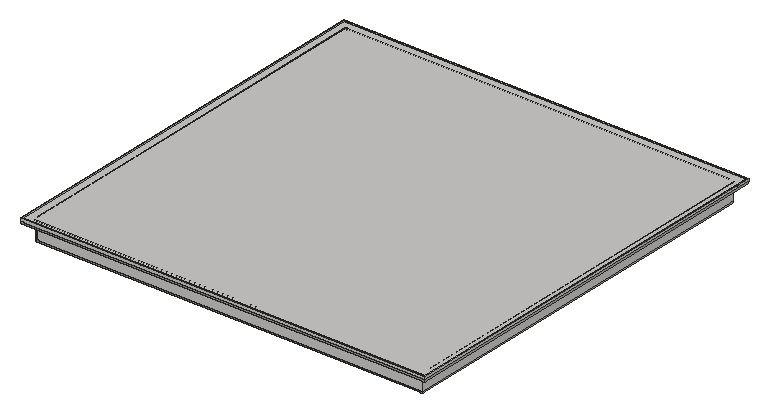
Revit family "NLRS_33_GM_FB_TC_STORAX_vloerluik_RVE_BCB", category Generic Models, host Face, Revit 2014
Parameters (values of type "maatwerk")
  vergrendeling = "nee"  # constant formula
  uitwendige_lengte = 1105 mm
  uitwendige_breedte = 1105 mm
  sluiting = "4"  # constant formula
  scharnierend = "nee"  # constant formula
  rubberen_afdichting = "enkel"  # constant formula
  productgroep = "Vloerluiken"  # constant formula
  materiaal = bcb_rvs
  inbouwhoogte [instance] = 60 mm
  geïsoleerd = "nee"  # constant formula
  gewicht = "0"
  gasdrukveer = "nee"  # constant formula
  brandwerend 90 min = "nee"  # constant formula
  binnenmaat_lengte = uitwendige_lengte - 105 mm  # 1000 mm
  binnenmaat_breedte = uitwendige_breedte - 105 mm  # 1000 mm
  binnenluik = "tbv traanplaat"  # constant formula
  belasting = "15 kN"  # constant formula
  URL = "http://www.storax.nl/producten/RVS/192/Type-RVE"
  Model = "BV"  # constant formula
  Manufacturer = "Storax"  # constant formula
  Default Elevation = 0 mm
Types (10, lengths in mm): name | uitwendige_lengte | uitwendige_breedte | gewicht | binnenmaat_lengte | binnenmaat_breedte
  (no name) | 1105 | 1105 | "0" | 1000 | 1000
  RVE 33 | 405 | 405 | "9" | 300 | 300
  RVE 55 | 605 | 605 | "15" | 500 | 500
  RVE 64 | 505 | 705 | "15" | 400 | 600
  RVE 66 | 705 | 705 | "24" | 600 | 600
  RVE 86 | 705 | 905 | "30" | 600 | 800
  RVE 88 | 905 | 905 | "36" | 800 | 800
  RVE 106 | 705 | 1105 | "36" | 600 | 1000
  RVE 110 | 1105 | 1105 | "54" | 1000 | 1000
  maatwerk | 1105 | 1105 | "0" | 1000 | 1000
Reference planes
  plane 1 "Center (Front/Back)": y = 0
  plane 2: z = 0
  plane 3 "Center (Left/Right)": x = 0
  plane 4: y = 552.5
  plane 5: y = -552.5
  plane 6: x = 552.5
  plane 7: x = -552.5
  plane 8: z = -60
  plane 9: x = -500
  plane 10: y = 500
  plane 11: y = -500
  plane 12: x = 500
  plane 13: x = -390.5
  plane 14: x = 390.5
  plane 15: y = -390.5
  plane 16: y = 390.5
  plane 17: x = -550.5
  plane 18: x = 550.5
  plane 19: y = 550.5
  plane 20: y = -550.5
Forms (mm)
  Sweep 1, solid, material "bcb_rvs" <- "materiaal", detail levels medium+fine
    path origin (0, 0, 0) x (1, 0, 0) y (0, 1, 0)
      loop
        line (-552.5, 552.5) -> (-552.5, -552.5) -> (552.5, -552.5) -> (552.5, 552.5) -> (-552.5, 552.5)
    profile origin (-552.5, 0, 0) x (-1, 0, 0) y (0, 0, 1)
      loop
        line (-2.047, 0) -> (-2.047, -8.5)
        arc (-2.047, -8.5) -> (-5.504, -13.256) -> (-11.095, -11.435) r 5
        line (-11.095, -11.435) -> (-14.687, -6.482)
        arc (-14.687, -6.482) -> (-21.396, -4.292) -> (-25.547, -10) r 6
        line (-25.547, -10) -> (-25.547, -55.5)
        arc (-25.547, -55.5) -> (-26.28, -57.268) -> (-28.047, -58) r 2.5
        line (-28.047, -58) -> (-52.5, -58) -> (-52.5, -60) -> (-28.547, -60)
        arc (-28.547, -60) -> (-25.012, -58.536) -> (-23.547, -55) r 5
        line (-23.547, -55) -> (-23.547, -10)
        arc (-23.547, -10) -> (-20.781, -6.195) -> (-16.308, -7.654) r 4
        line (-16.308, -7.654) -> (-12.714, -12.609)
        arc (-12.714, -12.609) -> (-4.887, -15.158) -> (-0.047, -8.5) r 7
        line (-0.047, -8.5) -> (-0.047, 0) -> (-2.047, 0)
  Sweep 2, solid, material "bcb_rvs" <- "materiaal", detail levels coarse
    path origin (0, 0, 0) x (1, 0, 0) y (0, 1, 0)
      loop
        line (-552.5, 552.5) -> (-552.5, -552.5) -> (552.5, -552.5) -> (552.5, 552.5) -> (-552.5, 552.5)
    profile origin (-552.5, 0, 0) x (-1, 0, 0) y (0, 0, 1)
      loop
        line (-0.047, 0) -> (-25.547, 0) -> (-25.547, -56) -> (-52.5, -56) -> (-52.5, -60) -> (-23.547, -60) -> (-23.547, -15.5) -> (-0.047, -15.5) -> (-0.047, 0)
  Extrusion 3, void
    sketch origin (0, 0, 0) x (1, 0, 0) y (0, 1, 0)
      loop
        line (-390.5, -390.5) -> (390.5, -390.5) -> (390.5, 390.5) -> (-390.5, 390.5) -> (-390.5, -390.5)
    from -500 to 10
  Sweep 4, void
    path origin (0, 0, 0) x (1, 0, 0) y (0, 1, 0)
      loop
        line (-552.5, 552.5) -> (-552.5, -552.5) -> (552.5, -552.5) -> (552.5, 552.5) -> (-552.5, 552.5)
    profile origin (-552.5, 0, 0) x (-1, 0, 0) y (0, 0, 1)
      loop
        line (-23.547, -60) -> (-23.547, -15.5) -> (0, -15.5) -> (0, 5) -> (-162, 5) -> (-162, -365) -> (-52.5, -365) -> (-52.5, -60) -> (-23.547, -60)
  Extrusion 5, solid, material "bcb_staal"
    sketch origin (0, 0, 0) x (1, 0, 0) y (0, 1, 0)
      loop
        line (-550.5, 550.5) -> (-550.5, -550.5) -> (550.5, -550.5) -> (550.5, 550.5) -> (-550.5, 550.5)
    from -4 to -1
Text (mm)
  text "Indien u deze familie geopend hebt vanuit het project via Edit Family: Niet Opslaan!\n\nOpen de familie via File - Open Family om de familie aan te passen.\n\n\n\nMocht u zelf aanpassingen willen aanbrengen in een type van de family, \n\npak dan het type maatwerk en neem contact op met Storax." at (-0.374, 589.999, 0), in view "Ref. Level"
Dimensions and locks
  equal spacing: plane 7, plane 3 "Center (Left/Right)", plane 6
  "uitwendige_breedte": plane 7 to plane 6
  equal spacing: plane 4, plane 1 "Center (Front/Back)", plane 5
  "uitwendige_lengte": plane 4 to plane 5
  locked: plane 4 to plane 10 at 52.5
  locked: plane 7 to plane 9 at 52.5
  locked: plane 12 to plane 6 at 52.5
  locked: plane 5 to plane 11 at 52.5
  locked: plane 9 to plane 13 at 109.5
  locked: plane 14 to plane 12 at 109.5
  locked: plane 15 to plane 11 at 109.5
  locked: plane 10 to plane 16 at 109.5
  locked: plane 18 to plane 6 at 2
  locked: plane 7 to plane 17 at 2
  locked: plane 4 to plane 19 at 2
  locked: plane 20 to plane 5 at 2
  aligned and locked: plane 2 to host face
  aligned and locked: level to host face
  aligned and locked: Sweep 1 sketch curve to plane 4
  aligned and locked: plane 7 to Sweep 1 sketch curve
  aligned and locked: plane 5 to Sweep 1 sketch curve
  aligned and locked: Sweep 1 sketch curve to plane 6
  aligned and locked: Extrusion 3 to plane 16
  aligned and locked: Extrusion 3 to plane 14
  aligned and locked: Extrusion 3 to plane 15
  aligned and locked: Extrusion 3 to plane 13
  aligned and locked: Sweep 4 sketch curve to plane 4
  aligned and locked: Sweep 4 sketch curve to plane 6
  aligned and locked: plane 5 to Sweep 4 sketch curve
  aligned and locked: plane 7 to Sweep 4 sketch curve
  aligned and locked: Extrusion 5 sketch curve to plane 19
  aligned and locked: plane 17 to Extrusion 5 sketch curve
  aligned and locked: plane 20 to Extrusion 5 sketch curve
  aligned and locked: Extrusion 5 sketch curve to plane 18
Automatic sketch dimensions
  host sketch curve to host sketch curve = 2000 mm  (x2)
  Extrusion 3 sketch curve to plane 11 = 109.5 mm
  Extrusion 3 sketch curve to plane 1 "Center (Front/Back)" = 390.5 mm
  Extrusion 3 sketch curve to plane 13 = 0 mm
  Extrusion 3 sketch curve to plane 14 = 0 mm
  Sweep 2 sketch curve to plane 5 = 0 mm
  Sweep 2 sketch curve to plane 7 = 0 mm
  Sweep 2 sketch curve to plane 6 = 0 mm
  Sweep 2 sketch curve to plane 4 = 0 mm
  Sweep 4 sketch curve to profile plane = 0 mm
  level to Sweep 4 sketch curve = 5 mm
  profile plane to Sweep 4 sketch curve = 23.547 mm
  Sweep 4 sketch curve to level = 15.5 mm
  Sweep 4 sketch curve to Sweep 4 sketch curve = 44.5 mm
  Sweep 4 sketch curve to Sweep 4 sketch curve = 305 mm
  Sweep 4 sketch curve to Sweep 4 sketch curve = 28.953 mm
  Sweep 4 sketch curve to Sweep 4 sketch curve = 109.5 mm
  Sweep 2 sketch curve to level = 0 mm
  profile plane to Sweep 2 sketch curve = 52.5 mm
  profile plane to Sweep 2 sketch curve = 25.547 mm
  Sweep 2 sketch curve to Sweep 2 sketch curve = 2 mm
  profile plane to Sweep 2 sketch curve = 0.047 mm
  Sweep 2 sketch curve to level = 15.5 mm
  Sweep 2 sketch curve to Sweep 2 sketch curve = 40.5 mm
  Sweep 2 sketch curve to Sweep 2 sketch curve = 4 mm
  Sweep 1 sketch curve to Sweep 1 sketch curve = 0 mm  (x4)
  Sweep 1 sketch curve to level = 0 mm
  profile plane to Sweep 1 sketch curve = 52.5 mm
  Sweep 1 sketch curve to Sweep 1 sketch curve = 23.953 mm
  Sweep 1 sketch curve to Sweep 1 sketch curve = 0.5 mm  (x2)
  Sweep 1 sketch curve to Sweep 1 sketch curve = 2.5 mm
  Sweep 1 sketch curve to Sweep 1 sketch curve = 2 mm
  Sweep 1 sketch curve to Sweep 1 sketch curve = 4 mm
  Sweep 1 sketch curve to level = 7.654 mm
  Sweep 1 sketch curve to Sweep 1 sketch curve = 3.24 mm
  Sweep 1 sketch curve to level = 6.482 mm
  Sweep 1 sketch curve to Sweep 1 sketch curve = 3.593 mm
  Sweep 1 sketch curve to Sweep 1 sketch curve = 1.619 mm
  Sweep 1 sketch curve to Sweep 1 sketch curve = 4.048 mm
  profile plane to Sweep 1 sketch curve = 2.047 mm
  profile plane to Sweep 1 sketch curve = 0.047 mm
  Sweep 1 sketch curve to Sweep 1 sketch curve = 4.953 mm
  Sweep 1 sketch curve to Sweep 1 sketch curve = 42.391 mm
